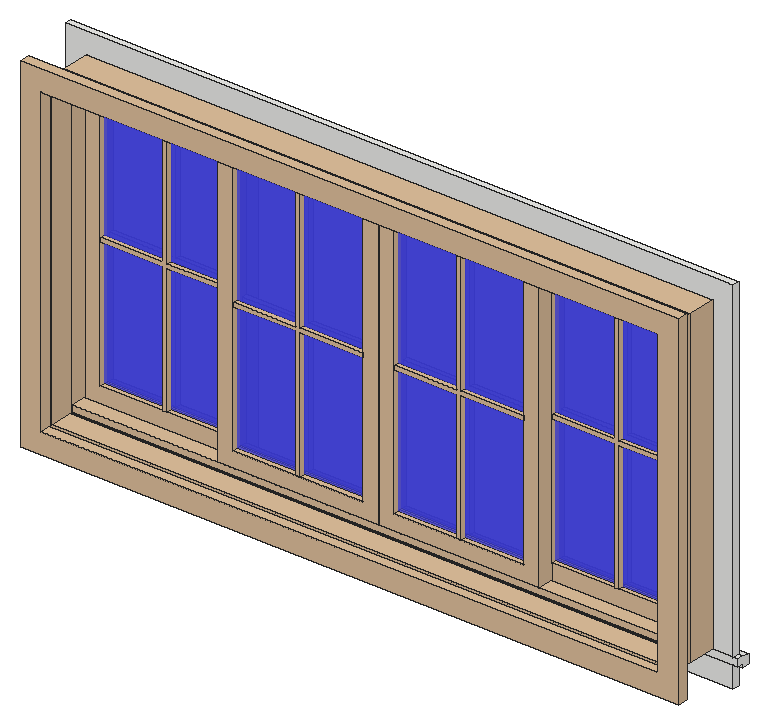
Revit family "M_Janela-deslizante-quatro", category Janelas, Revit 2019
Family settings
  Hospedeiro = Parede
  Número OmniClass = 23.30.20.17.14
  Título OmniClass = Sliding Windows
  Sempre na vertical = Sim
  Corte com vazios quando carregada = Não
  Compartilhado = Não
  Ponto de cálculo do ambiente = Não
Parameters (values of type "1800 x 900mm")
  Janela aplicada [instance] = 0 mm
  Espessura da parede [instance] = 150 mm
  Visual Light Transmittance = 0.81
  Resistência térmica (R) = 0.319569 (m²·K)/W
  Solar Heat Gain Coefficient = 0.76
  Visibilidade do montante central = yes
  Fechamento da parede interior [instance] = 67.45 mm
  Visibilidade do recorte interior [instance] = yes
  Material da apara interior = Madeira – Manchada
  Visibilidade do indicador [instance] = yes
  Coeficiente de transferência de calor (U) = 3.12929 W/(m²·K)
  Extensão do quadro [instance] = if(Visibilidade da apara externa, Janela aplicada + 6.35 mm, 6.35 mm)  # 6.35 mm
  Classificação de incêndio = "0.5h"
  Fechamento da parede externa [instance] = 31.75 mm
  Visibilidade da apara externa [instance] = yes
  Largura bruta = Largura + 15 mm  # 1815 mm
  Altura bruta = Altura + 15 mm  # 915 mm
  Visibilidade do montante lateral = yes
  Padrão do montante = M_Padrão do montante_2x2 : M_Padrão do montante_2x2
  Recorte interior = M_Moldura-janela-interior-plana : Quadro
  Material da moldura interior = Madeira – Manchada
  Altura = 900 mm
  Material do painel de vidro = Vidro
  Material da apara externa = Revestimento – Branco
  Visibilidade do umbral da extensão [instance] = and(Visibilidade do recorte interior, Espessura da parede - Janela aplicada > 82.55 mm)  # yes
  Umbral da extensão [instance] = if(Espessura da parede - Janela aplicada > 82.55 mm, Espessura da parede - Janela aplicada - 82.55 mm, 25.4 mm)  # 67.45 mm
  Apara externa = M_Recorte-Janela-Exterior-Plana : com peitoril
  Material da moldura exterior = Revestimento – Branco
  Altura-padrão do peitoril = 900 mm
  Fechamento da parede = Por hospedeiro
  Largura = 1800 mm
  Código de montagem = "B2020100"
  Construção analítica = "Vidraça dupla – residencial"
Types (6, lengths in mm): name | Largura bruta | Altura bruta | Altura | Largura
  (no name) | 1815 | 915 | 900 | 1800
  1650 x 600mm | 1665 | 615 | 600 | 1650
  1650 x 900mm | 1665 | 915 | 900 | 1650
  1800 x 900mm | 1815 | 915 | 900 | 1800
  2550 x 2000mm | 2565 | 2015 | 2000 | 2550
  4550 x 2000mm | 4565 | 2015 | 2000 | 4550
Reference planes
  plane 1 "Centro (Frente/Trás)": y = 0
  plane 2: z = 0
  plane 3 "Centro (Esquerda/Direita)": x = 0
  plane 4 "Esquerda": x = -900
  plane 5 "Direita": x = 900
  plane 6 "Peitoril": z = 900
  plane 7 "Superior": z = 1800
  plane 8 "Exterior": y = 71.19
  plane 9 "Interior": y = -78.81
  plane 10 "Inset Face": y = 71.19
  plane 11: y = 90.24
  plane 12: x = -836.5
  plane 13: x = -880.95
  plane 14: y = 0
  plane 15 "Face do caixilho": y = 83.89
  plane 16: x = -859.078
  plane 17: y = 64.84
  plane 18: y = 58.49
  plane 19: y = 52.14
  plane 20: y = 61.665
  plane 21: y = 39.44
  plane 22: x = 44.45
  plane 23: y = -5.01
  plane 24 "Fechamento da parede": y = -11.36
  plane 25: x = 855.55
  plane 26: z = 919.05
  plane 27: z = 938.1
  plane 28: z = 982.55
  plane 29: y = 26.74
  plane 30: y = 20.39
  plane 31: y = 14.04
  plane 32: y = 7.69
  plane 33: y = 17.215
  plane 34 "Umbral": y = -11.36
  plane 35: x = -440.475
  plane 36: x = -462.7
  plane 37: x = -418.25
  plane 38: x = 440.475
  plane 39: x = 418.25
  plane 40: x = 462.7
  plane 41: x = 880.95
  plane 42: x = 231.35
  plane 43: x = 836.5
  plane 44: x = 649.6
  plane 45: z = 1359.525
  plane 46: z = 1736.5
  plane 47: z = 982.55
  plane 48: x = -649.6
  plane 49: x = -231.35
  plane 50: x = -44.45
  plane 51: y = -11.36
  plane 52: y = 39.44
  plane 53: y = 90.24
Forms (mm)
  Sweep 1, solid, material "Madeira – Manchada" <- "Material da moldura interior"
    path origin (0, 83.89, 0) x (-1, 0, 0) y (0, 0, 1)
      loop
        line (900, 900) -> (900, 1800) -> (-900, 1800) -> (-900, 900)
    profile origin (-900, 83.89, 1350) x (1, 0, 0) y (0, 1, 0)
      loop
        line (0, 6.35) -> (0, -95.25) -> (19.05, -95.25) -> (19.05, 0) -> (40.922, 0) -> (40.922, 6.35) -> (0, 6.35)
  Sweep 2, solid, material "Madeira – Manchada" <- "Material da moldura interior"
    path origin (0, 83.89, 0) x (-1, 0, 0) y (0, 0, 1)
      loop
        line (418.25, 919.05) -> (418.25, 1780.95) -> (880.95, 1780.95) -> (880.95, 919.05)
    profile origin (-880.95, 83.89, 1350) x (0, 1, 0) y (-1, 0, 0)
      loop
        line (0, 0) -> (-44.45, 0) -> (-44.45, -44.45) -> (0, -44.45) -> (0, 0)
  Sweep 3, solid, material "Madeira – Manchada" <- "Material da moldura interior"
    path origin (0, 0, 0) x (1, 0, 0) y (0, 0, 1)
      loop
        line (900, 900) -> (-900, 900)
    profile origin (0, 0, 900) x (0, 0, -1) y (0, -1, 0)
      loop
        line (0, -90.24) -> (0, 11.36) -> (-19.05, 11.36) -> (-19.05, 5.01) -> (-38.1, 5.01) -> (-38.1, -39.44) -> (-19.05, -39.44) -> (-19.05, -90.24) -> (0, -90.24)
  Sweep 4, solid, material "Madeira – Manchada" <- "Material da moldura interior"
    path origin (0, 0, 0) x (1, 0, 0) y (0, 0, 1)
      loop
        line (-418.25, 919.05) -> (-859.078, 919.05)
    profile origin (-638.664, 0, 919.05) x (0, 0, -1) y (0, -1, 0)
      loop
        line (-63.5, -39.44) -> (-63.5, -83.89) -> (0, -83.89) -> (0, -39.44) -> (-63.5, -39.44)
  Extrusion 5, solid, material "Vidro" <- "Material do painel de vidro"
    sketch origin (0, 0, 900) x (0, -1, 0) y (1, 0, 0)
      loop
        line (-71.19, -836.5) -> (-64.84, -836.5) -> (-64.84, -462.7) -> (-71.19, -462.7) -> (-71.19, -836.5)
      loop
        line (-58.49, -836.5) -> (-52.14, -836.5) -> (-52.14, -462.7) -> (-58.49, -462.7) -> (-58.49, -836.5)
    from 82.55 to 836.5
  Extrusion 6, solid, material "Vidro" <- "Material do painel de vidro"
    sketch origin (-147.547, 0, 900) x (0, -1, 0) y (1, 0, 0)
      loop
        line (-26.74, -270.703) -> (-20.39, -270.703) -> (-20.39, 103.097) -> (-26.74, 103.097) -> (-26.74, -270.703)
      loop
        line (-14.04, -270.703) -> (-7.69, -270.703) -> (-7.69, 103.097) -> (-14.04, 103.097) -> (-14.04, -270.703)
    from 82.55 to 836.5
  Sweep 7, solid, material "Madeira – Manchada" <- "Material da moldura interior", visible <- "Visibilidade do umbral da extensão"
    path origin (0, 0, 0) x (1, 0, 0) y (0, 0, 1)
      loop
        line (-900, 900) -> (900, 900) -> (900, 1800) -> (-900, 1800) -> (-900, 900)
    profile origin (-900, 0, 1350) x (-1, 0, 0) y (0, -1, 0)
      loop
        line (0, 11.36) -> (0, 78.81) -> (-19.05, 78.81) -> (-19.05, 11.36) -> (0, 11.36)
  Sweep 8, solid, material "Madeira – Manchada" <- "Material da moldura interior"
    path origin (603.25, 0, -168.707) x (1, 0, 0) y (0, 0, 1)
      loop
        line (-603.25, 1949.657) -> (-603.25, 1106.807) -> (-140.55, 1106.807) -> (-140.55, 1949.657) -> (-603.25, 1949.657)
    profile origin (0, 0, 1359.525) x (0, -1, 0) y (1, 0, 0)
      loop
        line (-39.44, 0) -> (5.01, 0) -> (5.01, 44.45) -> (-39.44, 44.45) -> (-39.44, 0)
  Sweep 9, solid, material "Madeira – Manchada"
    path origin (0, 0, 0) x (1, 0, 0) y (0, 0, 1)
      loop
        line (-462.7, 938.1) -> (0, 938.1) -> (0, 1780.95) -> (-462.7, 1780.95) -> (-462.7, 938.1)
    profile origin (-462.7, 0, 1359.525) x (-1, 0, 0) y (0, -1, 0)
      loop
        line (0, -39.44) -> (0, 5.01) -> (-44.45, 5.01) -> (-44.45, -39.44) -> (0, -39.44)
  Extrusion 10, solid, material "Vidro" <- "Material do painel de vidro"
    sketch origin (93.753, 0, 900) x (0, -1, 0) y (1, 0, 0)
      loop
        line (-26.74, -49.303) -> (-20.39, -49.303) -> (-20.39, 324.497) -> (-26.74, 324.497) -> (-26.74, -49.303)
      loop
        line (-14.04, -49.303) -> (-7.69, -49.303) -> (-7.69, 324.497) -> (-14.04, 324.497) -> (-14.04, -49.303)
    from 82.55 to 836.5
  Extrusion 11, solid, material "Vidro" <- "Material do painel de vidro"
    sketch origin (443.003, 44.45, 900) x (0, -1, 0) y (1, 0, 0)
      loop
        line (-26.74, 19.697) -> (-20.39, 19.697) -> (-20.39, 393.497) -> (-26.74, 393.497) -> (-26.74, 19.697)
      loop
        line (-13.723, 19.697) -> (-7.69, 19.697) -> (-7.69, 393.497) -> (-13.723, 393.497) -> (-13.723, 19.697)
    from 82.55 to 836.5
  Sweep 12, solid, material "Madeira – Manchada" <- "Material da moldura interior"
    path origin (0, 0, 0) x (1, 0, 0) y (0, 0, 1)
      loop
        line (418.25, 938.1) -> (880.95, 938.1) -> (880.95, 1780.95) -> (418.25, 1780.95) -> (418.25, 938.1)
    profile origin (418.25, 0, 1359.525) x (-1, 0, 0) y (0, -1, 0)
      loop
        line (0, -39.44) -> (-44.45, -39.44) -> (-44.45, -83.89) -> (0, -83.89) -> (0, -39.44)
  Sweep 13, solid, material "Madeira – Manchada" <- "Material da moldura interior"
    path origin (0, 0, 0) x (1, 0, 0) y (0, 0, 1)
      loop
        line (880.95, 938.1) -> (418.25, 938.1)
    profile origin (649.6, 0, 938.1) x (0, 0, -1) y (0, -1, 0)
      loop
        line (0, -39.44) -> (0, -83.89) -> (19.05, -83.89) -> (19.05, -39.44) -> (0, -39.44)
Cuts and joins
  joined: Sweep 2, Sweep 4
  joined: Sweep 12, Sweep 13
  joined: Sweep 1, Sweep 3
Lines and regions (mm)
  Opening 1
    outline origin (-1524, -78.81, 0) x (1, 0, 0) y (0, 0, 1)
      loop
        line (624, 1800) -> (624, 900) -> (2424, 900) -> (2424, 1800) -> (624, 1800)
  Split face 1
    outline origin (-462.7, 39.44, 919.05) x (0, 0, 1) y (0, 1, 0)
      loop
        line (817.45, 31.75) -> (63.5, 31.75)
  Split face 2
    outline origin (-836.5, 39.44, 1736.5) x (0, 0, -1) y (0, 1, 0)
      loop
        line (753.95, 31.75) -> (0, 31.75)
  Split face 3
    outline origin (457.2, -41.91, 2133.6) x (0, 0, -1) y (0, 1, 0)
  Split face 4
    outline origin (900, -11.36, 900) x (0, 1, 0) y (-1, 0, 0)
      loop
        line (82.55, 0) -> (82.55, 1800)
  Split face 5
    outline origin (-900, -11.36, 900) x (0, 0, 1) y (0, 1, 0)
  Split face 6
    outline origin (836.5, 83.89, 982.55) x (-1, 0, 0) y (0, -1, 0)
      loop
        line (373.8, 12.7) -> (0, 12.7)
  Split face 7
    outline origin (462.7, 83.89, 982.55) x (0, 0, 1) y (0, -1, 0)
      loop
        line (0, 12.7) -> (753.95, 12.7)
  Split face 8
    outline origin (836.5, 83.89, 1736.5) x (0, 0, -1) y (0, -1, 0)
      loop
        line (0, 12.7) -> (753.95, 12.7)
  Split face 9
    outline origin (462.7, 83.89, 1736.5) x (0, -1, 0) y (1, 0, 0)
      loop
        line (19.05, 0) -> (19.05, 373.8)
  Split face 10
    outline origin (-418.25, 39.44, 1736.5) x (0, -1, 0) y (1, 0, 0)
      loop
        line (12.7, 373.8) -> (12.7, 0)
  Split face 11
    outline origin (-418.25, 39.44, 982.55) x (0, 0, 1) y (0, -1, 0)
      loop
        line (0, 12.7) -> (753.95, 12.7)
  Split face 12
    outline origin (-462.7, 39.44, 1736.5) x (0, 1, 0) y (-1, 0, 0)
      loop
        line (31.75, 0) -> (31.75, 373.8)
  Split face 13
    outline origin (418.25, -5.01, 1736.5) x (0, 1, 0) y (-1, 0, 0)
      loop
        line (31.75, 0) -> (31.75, 373.8)
  Split face 14
    outline origin (418.25, -5.01, 982.55) x (0, 0, 1) y (0, 1, 0)
      loop
        line (753.95, 31.75) -> (0, 31.75)
  Split face 15
    outline origin (-44.45, 39.44, 1736.5) x (0, 0, -1) y (0, -1, 0)
      loop
        line (0, 12.7) -> (753.95, 12.7)
  Split face 16
    outline origin (44.45, -5.01, 1736.5) x (0, 0, -1) y (0, 1, 0)
      loop
        line (753.95, 31.75) -> (0, 31.75)
  Split face 17
    outline origin (44.45, -5.01, 982.55) x (1, 0, 0) y (0, 1, 0)
      loop
        line (0, 31.75) -> (373.8, 31.75)
  Split face 18
    outline origin (-44.45, 39.44, 982.55) x (-1, 0, 0) y (0, -1, 0)
      loop
        line (373.8, 12.7) -> (0, 12.7)
  Split face 19
    outline origin (-418.25, 83.89, 982.55) x (-1, 0, 0) y (0, -1, 0)
      loop
        line (418.25, 12.7) -> (44.45, 12.7)
  Split face 20
    outline origin (-880.95, 83.89, 1780.95) x (0, -1, 0) y (1, 0, 0)
      loop
        line (0, 1299.2) -> (44.45, 1299.2) -> (44.45, 462.7) -> (0, 462.7)
Text (mm)
  text "EXTERIOR" at (-1490.695, 1293.036, 0), in view "Nível de referência"
  text "INTERIOR" at (-1490.695, -959.266, 0), in view "Nível de referência"
  text "Exterior" at (0, 1108.87, 3129.179), in view "Esquerda"
  text "Exterior" at (0, 464.664, 3176.206), in view "Direita"
Dimensions and locks
  equal spacing: plane 4 "Esquerda", plane 3 "Centro (Esquerda/Direita)", plane 5 "Direita"
  "Largura": plane 4 "Esquerda" to plane 5 "Direita"
  "Altura": plane 6 "Peitoril" to plane 7 "Superior"
  "Altura-padrão do peitoril": plane 2 to plane 6 "Peitoril"
  "Janela aplicada": plane 8 "Exterior" to plane 10 "Inset Face"
  locked: plane 11 to plane 8 "Exterior" at 19.05
  locked: plane 4 "Esquerda" to plane 13 at 19.05
  locked: plane 13 to plane 12 at 44.45
  locked: plane 4 "Esquerda" to plane 16 at 40.922
  locked: plane 15 "Face do caixilho" to plane 10 "Inset Face" at 12.7
  locked: plane 10 "Inset Face" to plane 17 at 6.35
  locked: plane 17 to plane 18 at 6.35
  locked: plane 18 to plane 19 at 6.35
  equal spacing: plane 17, plane 20, plane 18
  locked: plane 19 to plane 21 at 12.7
  locked: plane 21 to plane 23 at 44.45
  locked: plane 23 to plane 24 "Fechamento da parede" at 6.35
  locked: plane 25 to plane 5 "Direita" at 44.45
  locked: plane 26 to plane 6 "Peitoril" at 19.05
  locked: plane 27 to plane 26 at 19.05
  locked: plane 27 to plane 28 at 44.45
  equal spacing: plane 30, plane 33, plane 31
  "Umbral da extensão": plane 34 "Umbral" to plane 9 "Interior"
  "Espessura da parede": host wall to host wall
  equal spacing: plane 13, plane 35, plane 3 "Centro (Esquerda/Direita)"
  equal spacing: plane 36, plane 35, plane 37
  locked: plane 36 to plane 37 at 44.45
  locked: plane 3 "Centro (Esquerda/Direita)" to plane 22 at 44.45
  locked: plane 41 to plane 5 "Direita" at 19.05
  equal spacing: plane 3 "Centro (Esquerda/Direita)", plane 38, plane 41
  equal spacing: plane 39, plane 38, plane 40
  locked: plane 39 to plane 40 at 44.45
  equal spacing: plane 22, plane 42, plane 39
  locked: plane 43 to plane 41 at 44.45
  equal spacing: plane 40, plane 44, plane 43
  host wall to host wall = 6477 mm
  locked: plane 7 "Superior" to plane 46 at 63.5
  locked: plane 47 to plane 6 "Peitoril" at 82.55
  equal spacing: plane 46, plane 45, plane 47
  equal spacing: plane 36, plane 48, plane 12
  locked: plane 3 "Centro (Esquerda/Direita)" to plane 50 at 44.45
  equal spacing: plane 50, plane 49, plane 37
  "Fechamento da parede interior": plane 51 to plane 9 "Interior"
  "Fechamento da parede externa": plane 8 "Exterior" to plane 52
  locked: plane 21 to plane 29 at 12.7
  locked: plane 32 to plane 23 at 12.7
  locked: plane 31 to plane 32 at 6.35
  locked: plane 29 to plane 30 at 6.35
  "Extensão do quadro": plane 53 to plane 15 "Face do caixilho"
  aligned and locked: plane 7 "Superior" to Opening 1 sketch curve
  aligned and locked: plane 6 "Peitoril" to Opening 1 sketch curve  (x2)
  aligned and locked: plane 5 "Direita" to Opening 1 sketch curve
  aligned and locked: plane 4 "Esquerda" to Opening 1 sketch curve
  aligned and locked: level to plane 2
  aligned and locked: host wall to plane 8 "Exterior"
  aligned and locked: plane 9 "Interior" to host wall
  aligned and locked: Sweep 1 sketch curve to plane 4 "Esquerda"
  aligned and locked: plane 4 "Esquerda" to Sweep 1 sketch curve
  aligned and locked: plane 16 to Sweep 1 sketch curve
  aligned and locked: plane 15 "Face do caixilho" to Sweep 1 sketch curve
  aligned and locked: plane 13 to Sweep 1 sketch curve
  aligned and locked: plane 24 "Fechamento da parede" to Sweep 1 sketch curve
  aligned and locked: Sweep 2 sketch curve to plane 13  (x2)
  aligned and locked: plane 15 "Face do caixilho" to Sweep 2 sketch curve
  aligned and locked: Sweep 2 sketch curve to plane 12
  aligned and locked: plane 21 to Sweep 2 sketch curve
  aligned and locked: Sweep 3 sketch curve to plane 6 "Peitoril"  (x2)
  aligned and locked: Sweep 3 sketch curve to plane 26  (x2)
  aligned and locked: Sweep 3 sketch curve to plane 27
  aligned and locked: Sweep 3 sketch curve to plane 24 "Fechamento da parede"
  aligned and locked: Sweep 3 sketch curve to plane 21
  aligned and locked: plane 26 to Sweep 4 sketch curve
  aligned and locked: Sweep 4 sketch curve to plane 28
  aligned and locked: Sweep 4 sketch curve to plane 15 "Face do caixilho"
  aligned and locked: Sweep 4 sketch curve to plane 21
  aligned and locked: Sweep 4 sketch curve to plane 26
  aligned and locked: Extrusion 5 sketch curve to plane 12  (x2)
  aligned and locked: Extrusion 6 sketch curve to plane 29
  aligned and locked: plane 30 to Extrusion 6 sketch curve
  aligned and locked: Extrusion 6 sketch curve to plane 31
  aligned and locked: plane 32 to Extrusion 6 sketch curve
  aligned and locked: plane 16 to Sweep 4 sketch curve
  aligned and locked: Sweep 7 sketch curve to plane 4 "Esquerda"  (x2)
  aligned and locked: Sweep 7 sketch curve to plane 7 "Superior"
  aligned and locked: Sweep 7 sketch curve to plane 5 "Direita"
  aligned and locked: Sweep 7 sketch curve to plane 6 "Peitoril"
  aligned and locked: Sweep 7 sketch curve to plane 13
  aligned and locked: plane 9 "Interior" to Sweep 7 sketch curve
  aligned and locked: Sweep 7 sketch curve to plane 34 "Umbral"
  aligned and locked: Sweep 3 sketch curve to plane 23
  aligned and locked: plane 3 "Centro (Esquerda/Direita)" to nested 3
  aligned and locked: Extrusion 5 to Extrusion 5  (x2)
  aligned and locked: Sweep 1 sketch curve to plane 5 "Direita"
  aligned and locked: Sweep 1 sketch curve to plane 7 "Superior"
  aligned and locked: Sweep 2 sketch curve to Sweep 7
  aligned and locked: plane 36 to Extrusion 5
  aligned and locked: plane 37 to Sweep 2 sketch curve
  aligned and locked: Extrusion 5 to plane 12
  aligned and locked: plane 37 to Sweep 4 sketch curve
  aligned and locked: Extrusion 5 to cut or joined group of Sweep 2, Sweep 4
  aligned and locked: Extrusion 6 to plane 37  (x2)
  aligned and locked: Sweep 8 sketch curve to profile plane
  aligned and locked: plane 3 "Centro (Esquerda/Direita)" to Sweep 8 sketch curve
  aligned and locked: plane 40 to Sweep 8 sketch curve
  aligned and locked: plane 36 to Sweep 9 sketch curve  (x2)
  aligned and locked: plane 27 to Sweep 9 sketch curve
  aligned and locked: Sweep 9 sketch curve to plane 21
  aligned and locked: Sweep 9 sketch curve to plane 37
  aligned and locked: Sweep 9 sketch curve to plane 3 "Centro (Esquerda/Direita)"
  aligned and locked: Sweep 9 sketch curve to Sweep 8
  aligned and locked: Extrusion 6 to Sweep 9  (x3)
  aligned and locked: plane 23 to Sweep 9 sketch curve
  aligned and locked: Extrusion 10 to plane 22  (x2)
  aligned and locked: plane 39 to Extrusion 10  (x2)
  aligned and locked: Sweep 8 sketch curve to plane 21
  aligned and locked: plane 23 to Sweep 8 sketch curve
  aligned and locked: Sweep 8 sketch curve to plane 22
  aligned and locked: Sweep 7 to Sweep 8 sketch curve
  aligned and locked: Extrusion 10 to Sweep 8
  aligned and locked: plane 27 to Sweep 8 sketch curve
  aligned and locked: Extrusion 11 to plane 10 "Inset Face"
  aligned and locked: plane 39 to Sweep 12 sketch curve
  aligned and locked: plane 41 to Sweep 12 sketch curve
  aligned and locked: Sweep 7 to Sweep 12 sketch curve
  aligned and locked: plane 27 to Sweep 12 sketch curve
  aligned and locked: Sweep 12 sketch curve to Sweep 8  (x2)
  aligned and locked: Sweep 12 sketch curve to plane 15 "Face do caixilho"
  aligned and locked: plane 40 to Sweep 12 sketch curve
  aligned and locked: plane 27 to Sweep 13 sketch curve
  aligned and locked: plane 41 to Sweep 13 sketch curve
  aligned and locked: plane 39 to Sweep 13 sketch curve
  aligned and locked: profile plane to Sweep 13 sketch curve
  aligned and locked: Sweep 13 sketch curve to plane 15 "Face do caixilho"
  aligned and locked: Sweep 13 sketch curve to plane 26
  aligned and locked: Extrusion 11 to cut or joined group of Sweep 12, Sweep 13
  aligned and locked: plane 42 to nested 7
  aligned and locked: Split face 6 sketch curve to Extrusion 11
  aligned and locked: Split face 7 sketch curve to Extrusion 11
  aligned and locked: Split face 8 sketch curve to Extrusion 11
  aligned and locked: Split face 9 sketch curve to Extrusion 11
  aligned and locked: Split face 10 sketch curve to Extrusion 6
  aligned and locked: Split face 11 sketch curve to Extrusion 6
  aligned and locked: Split face 13 sketch curve to Extrusion 10
  aligned and locked: Split face 14 sketch curve to Extrusion 10
  aligned and locked: Split face 15 sketch curve to Extrusion 6
  aligned and locked: Split face 16 sketch curve to Extrusion 10
  aligned and locked: Split face 17 sketch curve to Extrusion 10
  aligned and locked: Split face 18 sketch curve to Extrusion 6
  aligned and locked: Split face 20 sketch curve to cut or joined group of Sweep 12, Sweep 13
  aligned and locked: Split face 20 sketch curve to Sweep 8
  aligned and locked: Split face 20 sketch curve to cut or joined group of Sweep 2, Sweep 4
  aligned and locked: Sweep 13 sketch curve to plane 21
  aligned and locked: nested 3 to plane 7 "Superior"
  aligned and locked: plane 8 "Exterior" to nested 3
  aligned and locked: plane 47 to nested 1
  aligned and locked: plane 47 to nested 2
  aligned and locked: plane 47 to nested 6
  aligned and locked: nested 5 to plane 33
  aligned and locked: nested 2 to plane 33
  aligned and locked: plane 20 to nested 6
  aligned and locked: plane 40 to nested 6
  aligned and locked: plane 46 to nested 6
  aligned and locked: plane 22 to nested 5
  aligned and locked: plane 37 to nested 2
  aligned and locked: plane 50 to nested 2
  aligned and locked: plane 46 to nested 1
  aligned and locked: plane 36 to nested 1
  aligned and locked: plane 12 to nested 1
  aligned and locked: plane 43 to nested 6
  aligned and locked: plane 39 to nested 5
  aligned and locked: plane 7 "Superior" to nested 9
  aligned and locked: plane 3 "Centro (Esquerda/Direita)" to nested 9
  aligned and locked: plane 7 "Superior" to nested 8
  aligned and locked: nested 8 to plane 3 "Centro (Esquerda/Direita)"
  aligned and locked: plane 47 to nested 5
  aligned and locked: plane 46 to nested 5
  aligned and locked: nested 7 to plane 45
  aligned and locked: nested 4 to plane 49
  aligned and locked: plane 45 to nested 4
  aligned and locked: plane 46 to nested 2
  aligned and locked: plane 17 to Extrusion 5 sketch curve
  aligned and locked: Extrusion 5 sketch curve to plane 10 "Inset Face"
  aligned and locked: plane 19 to Extrusion 5 sketch curve
  aligned and locked: Extrusion 5 sketch curve to plane 18
  aligned and locked: nested 1 to plane 20
  aligned and locked: Sweep 1 sketch curve to plane 53
  aligned and locked: Sweep 3 sketch curve to plane 53
Automatic sketch dimensions
  Sweep 1 sketch curve to plane 6 "Peitoril" = 0 mm  (x2)
  Sweep 2 sketch curve to plane 26 = 0 mm  (x2)
  plane 4 "Esquerda" to Sweep 3 sketch curve = 0 mm
  plane 5 "Direita" to Sweep 3 sketch curve = 0 mm
  Extrusion 5 sketch curve to plane 36 = 0 mm  (x2)
  Extrusion 6 sketch curve to plane 37 = 0 mm  (x2)
  Extrusion 6 sketch curve to plane 3 "Centro (Esquerda/Direita)" = 44.45 mm
  Extrusion 6 sketch curve to Extrusion 6 sketch curve = 0 mm
  Split face 1 sketch curve to cut or joined group of Sweep 2, Sweep 4 = 0 mm
  cut or joined group of Sweep 2, Sweep 4 to Split face 1 sketch curve = 0 mm
  cut or joined group of Sweep 2, Sweep 4 to Split face 2 sketch curve = 0 mm
  Split face 2 sketch curve to cut or joined group of Sweep 2, Sweep 4 = 0 mm
  Split face 4 sketch curve to Sweep 3 = 0 mm  (x2)
  Split face 4 sketch curve to Sweep 3 = 19.05 mm
  plane 29 to Extrusion 10 sketch curve = 0 mm
  Extrusion 10 sketch curve to plane 22 = 0 mm  (x2)
  Extrusion 10 sketch curve to plane 30 = 0 mm
  Extrusion 10 sketch curve to plane 31 = 0 mm
  Extrusion 10 sketch curve to plane 32 = 0 mm
  Extrusion 10 sketch curve to plane 39 = 0 mm  (x2)
  Extrusion 11 sketch curve to plane 10 "Inset Face" = 0 mm
  plane 17 to Extrusion 11 sketch curve = 0 mm
  Extrusion 11 sketch curve to plane 40 = 0 mm  (x2)
  Extrusion 11 sketch curve to plane 43 = 0 mm  (x2)
  plane 19 to Extrusion 11 sketch curve = 0 mm
  Extrusion 11 sketch curve to plane 18 = 0.317 mm
  Split face 6 sketch curve to cut or joined group of Sweep 12, Sweep 13 = 0 mm  (x2)
  Split face 7 sketch curve to cut or joined group of Sweep 12, Sweep 13 = 0 mm
  cut or joined group of Sweep 12, Sweep 13 to Split face 7 sketch curve = 0 mm
  cut or joined group of Sweep 12, Sweep 13 to Split face 8 sketch curve = 0 mm
  Split face 8 sketch curve to cut or joined group of Sweep 12, Sweep 13 = 0 mm
  Split face 9 sketch curve to cut or joined group of Sweep 12, Sweep 13 = 0 mm  (x2)
  Split face 10 sketch curve to Sweep 9 = 0 mm  (x2)
  Split face 11 sketch curve to Sweep 9 = 0 mm
  Sweep 9 to Split face 11 sketch curve = 0 mm
  Split face 12 sketch curve to cut or joined group of Sweep 2, Sweep 4 = 0 mm  (x2)
  Split face 13 sketch curve to Sweep 8 = 0 mm  (x2)
  Split face 14 sketch curve to Sweep 8 = 0 mm
  Sweep 8 to Split face 14 sketch curve = 0 mm
  Sweep 9 to Split face 15 sketch curve = 0 mm
  Split face 15 sketch curve to Sweep 9 = 0 mm
  Sweep 8 to Split face 16 sketch curve = 0 mm
  Split face 16 sketch curve to Sweep 8 = 0 mm
  Split face 17 sketch curve to Sweep 8 = 0 mm  (x2)
  Split face 18 sketch curve to Sweep 9 = 0 mm  (x2)
  Split face 19 sketch curve to cut or joined group of Sweep 2, Sweep 4 = 0 mm  (x2)
  cut or joined group of Sweep 1, Sweep 3 to Split face 20 sketch curve = 0 mm  (x2)
  Split face 1 sketch curve to cut or joined group of Sweep 2, Sweep 4 = 12.7 mm
  Split face 2 sketch curve to cut or joined group of Sweep 2, Sweep 4 = 12.7 mm
  Split face 12 sketch curve to cut or joined group of Sweep 2, Sweep 4 = 12.7 mm
  Split face 19 sketch curve to cut or joined group of Sweep 2, Sweep 4 = 12.7 mm
Nested families
  nested 1: "M_Padrão do montante_2x2" at (-649.6, 61.665, 982.55), Material externo <- "Material da moldura exterior", Material interior <- "Material da moldura interior", visible <- "Visibilidade do montante lateral", type <- "Padrão do montante", type "M_Padrão do montante_2x2"
    with Largura 373.8 mm, Material interior Madeira – Manchada, Altura 753.95 mm, Material externo Revestimento – Branco
  nested 2: "M_Padrão do montante_2x2" at (-231.35, 17.215, 982.55), Material externo <- "Material da moldura exterior", Material interior <- "Material da moldura interior", visible <- "Visibilidade do montante central", type <- "Padrão do montante", type "M_Padrão do montante_2x2"
    with Largura 373.8 mm, Material interior Madeira – Manchada, Altura 753.95 mm, Material externo Revestimento – Branco
  nested 3: "M_Plano-quatro-deslizante" at (0, 71.19, 900), Largura <- "Largura", Altura <- "Altura", Espessura da parede <- "Espessura da parede", Janela aplicada <- "Janela aplicada", type "M_Plano-quatro-deslizante"
    with Janela aplicada de 3D 0 mm, Janela aplicada 0 mm, Largura 1800 mm, Espessura da parede 150 mm, Altura 900 mm
  nested 4: "M_Seta preenchida" at (-231.35, 0, 1359.525) x (-1, 0, 0) z (0, -1, 0), visible <- "Visibilidade do indicador", type "M_Seta preenchida"
  nested 5: "M_Padrão do montante_2x2" at (231.35, 17.215, 982.55), Material externo <- "Material da moldura exterior", Material interior <- "Material da moldura interior", visible <- "Visibilidade do montante central", type <- "Padrão do montante", type "M_Padrão do montante_2x2"
    with Largura 373.8 mm, Material interior Madeira – Manchada, Altura 753.95 mm, Material externo Revestimento – Branco
  nested 6: "M_Padrão do montante_2x2" at (649.6, 61.665, 982.55), Material externo <- "Material da moldura exterior", Material interior <- "Material da moldura interior", type <- "Padrão do montante", visible <- "Visibilidade do montante lateral", type "M_Padrão do montante_2x2"
    with Largura 373.8 mm, Material interior Madeira – Manchada, Altura 753.95 mm, Material externo Revestimento – Branco
  nested 7: "M_Seta preenchida" at (231.35, 0, 1359.525) x (1, 0, 0) z (0, -1, 0), visible <- "Visibilidade do indicador", type "M_Seta preenchida"
  nested 8: "M_Recorte-Janela-Exterior-Plana" at (0, 71.19, 1800) x (-1, 0, 0) z (0, 1, 0), visible <- "Visibilidade da apara externa", Material da apara <- "Material da apara externa", Largura da abertura <- "Largura", Altura da abertura <- "Altura", type <- "Apara externa", type "com peitoril"
    with Material da apara Revestimento – Branco, Largura da abertura 1800 mm, Altura da abertura 900 mm
  nested 9: "M_Moldura-janela-interior-plana" at (0, -78.81, 1800) x (1, 0, 0) z (0, -1, 0), visible <- "Visibilidade do recorte interior", Material da apara <- "Material da apara interior", Largura da abertura <- "Largura", Altura da abertura <- "Altura", type <- "Recorte interior", type "Quadro"
    with Material da apara Madeira – Manchada, Largura da abertura 1800 mm, Altura da abertura 900 mm
Definition of nested family "M_Padrão do montante_2x2"
  Parameters (values of type "M_Padrão do montante_2x2")
    Largura [instance] = 1200 mm
    Espessura = 12.7 mm
    Altura [instance] = 1200 mm
    Material interior [instance] = none
    Material externo [instance] = none
    Distância = 19.05 mm
  Reference planes
    plane 1 "Centro (Frente/Trás)": y = 0
    plane 2: z = 0
    plane 3 "Centro (Esquerda/Direita)": x = 0
    plane 4: z = 1200
    plane 5: x = -600
    plane 6: x = 600
    plane 7: z = 600
    plane 8: y = 9.525
    plane 9: y = 22.225
    plane 10: y = -9.525
    plane 11: y = -22.225
  Forms (mm)
    Extrusion 1, solid, material <- "Material interior", detail levels fine
      sketch origin (0, 0, 0) x (1, 0, 0) y (0, 0, 1)
        loop
          line (-600, 606.35) -> (-600, 593.65) -> (-6.35, 593.65) -> (-6.35, 0) -> (6.35, 0) -> (6.35, 593.65) -> (600, 593.65) -> (600, 606.35) -> (6.35, 606.35) -> (6.35, 1200) -> (-6.35, 1200) -> (-6.35, 606.35) -> (-600, 606.35)
      from 9.525 to 22.225
    Extrusion 2, solid, material <- "Material externo", detail levels fine
      sketch origin (0, 0, 0) x (1, 0, 0) y (0, 0, -1)
        loop
          line (-600, -606.35) -> (-6.35, -606.35) -> (-6.35, -1200) -> (6.35, -1200) -> (6.35, -606.35) -> (600, -606.35) -> (600, -593.65) -> (6.35, -593.65) -> (6.35, 0) -> (-6.35, 0) -> (-6.35, -593.65) -> (-600, -593.65) -> (-600, -606.35)
      from 9.525 to 22.225
  Lines and regions (mm)
    model lines, detail levels medium
      curve 1: line (0, 9.525, 1200) -> (0, 9.525, 0)
      curve 2: line (-600, -9.525, 600) -> (600, -9.525, 600)
      curve 3: line (-600, 9.525, 600) -> (600, 9.525, 600)
      curve 4: line (0, -9.525, 1200) -> (0, -9.525, 0)
  Dimensions and locks
    equal spacing: plane 6, plane 3 "Centro (Esquerda/Direita)", plane 5
    "Largura": plane 6 to plane 5
    "Altura": plane 4 to plane 2
    equal spacing: plane 4, plane 7, plane 2
    locked: plane 3 "Centro (Esquerda/Direita)" to Extrusion 1 sketch curve at 6.35  (x4)
    locked: Extrusion 1 sketch curve to plane 7 at 6.35  (x2)
    locked: plane 7 to Extrusion 1 sketch curve at 6.35  (x2)
    "Espessura": plane 9 to plane 8
    "Espessura": plane 10 to plane 11
    "Distância": plane 8 to plane 10
    equal spacing: plane 8, plane 1 "Centro (Frente/Trás)", plane 10
    aligned and locked: plane 2 to level
    aligned and locked: plane 4 to curve 1
    aligned and locked: plane 5 to curve 2
    aligned and locked: plane 2 to curve 1
    aligned and locked: plane 6 to curve 2
    aligned and locked: Extrusion 1 sketch curve to plane 4
    aligned and locked: Extrusion 1 sketch curve to plane 6
    aligned and locked: Extrusion 1 sketch curve to plane 5
    aligned and locked: Extrusion 1 sketch curve to level
    aligned and locked: Extrusion 1 to plane 11
    aligned and locked: plane 10 to Extrusion 1
    aligned and locked: Extrusion 2 to plane 5
    aligned and locked: plane 6 to Extrusion 2
    aligned and locked: Extrusion 2 to plane 8
    aligned and locked: plane 9 to Extrusion 2
    aligned and locked: Extrusion 2 to plane 2
    aligned and locked: plane 4 to Extrusion 2
    aligned and locked: plane 5 to curve 3
    aligned and locked: plane 6 to curve 3
    aligned and locked: plane 4 to curve 4
    aligned and locked: plane 2 to curve 4
    aligned and locked: plane 8 to curve 3
  Automatic sketch dimensions
    curve 2 to plane 7 = 0 mm
    Extrusion 2 sketch curve to plane 5 = 0 mm
    Extrusion 2 sketch curve to level = 0 mm
    Extrusion 2 sketch curve to plane 4 = 0 mm
    Extrusion 2 sketch curve to plane 6 = 0 mm
    Extrusion 2 sketch curve to plane 3 "Centro (Esquerda/Direita)" = 6.35 mm  (x2)
    plane 3 "Centro (Esquerda/Direita)" to Extrusion 2 sketch curve = 6.35 mm  (x2)
    plane 7 to Extrusion 2 sketch curve = 6.35 mm  (x2)
    Extrusion 2 sketch curve to plane 7 = 6.35 mm  (x2)
    curve 4 to plane 3 "Centro (Esquerda/Direita)" = 0 mm
    curve 4 to level = 0 mm
    curve 4 to plane 4 = 0 mm
    curve 3 to plane 6 = 0 mm
    curve 1 to plane 3 "Centro (Esquerda/Direita)" = 0 mm
    curve 3 to plane 5 = 0 mm
    curve 3 to plane 7 = 0 mm
Definition of nested family "M_Recorte-Janela-Exterior-Plana"
  Parameters (values of type "com peitoril")
    Largura da apara = 60 mm
    Espessura da apara_Quadro = 30 mm
    Espessura da apara_com peitoril = 19.05 mm
    Material da apara [instance] = none
    Espessura do peitoril = 30 mm
    Peitoril = yes
    Quadro = no
    Largura da abertura [instance] = 600 mm
    Altura da abertura [instance] = 900 mm
    Default Elevation = 1200 mm
  Types (2, lengths in mm): name | Peitoril | Quadro
    com peitoril | yes | no
    Quadro | no | yes
  Reference planes
    plane 1 "Centro (Frente/Trás)": y = 0
    plane 2: z = 0
    plane 3 "Centro (Esquerda/Direita)": x = 0
    plane 4: y = 60
    plane 5 "Esquerda": x = -300
    plane 6 "Direita": x = 300
    plane 7 "Inferior": y = -900
    plane 8: y = -930
    plane 9: y = -980.432
    plane 10: x = 360
    plane 11: x = -360
    plane 12: z = 19.05
    plane 13: z = 30
    plane 14: x = 372.7
    plane 15: x = -372.7
    plane 16: y = -920.432
    plane 17: y = -960
    plane 18: z = 12.7
    plane 19: y = -450
    plane 20: z = 38.1
  Forms (mm)
    Extrusion 1, solid
      sketch origin (0, 0, 0) x (1, 0, 0) y (0, 1, 0)
        loop
          line (-361.95, 57.15) -> (-361.95, -993.732) -> (361.95, -993.732) -> (361.95, 57.15) -> (-361.95, 57.15)
      from 0 to -304.8
    Extrusion 2, solid, material <- "Material da apara", visible <- "Peitoril"
      sketch origin (0, 0, 0) x (1, 0, 0) y (0, 1, 0)
        loop
          line (-360, -900) -> (-300, -900) -> (-300, 0) -> (300, 0) -> (300, -900) -> (360, -900) -> (360, 60) -> (-360, 60) -> (-360, -900)
      from 0 to 19.05
    Extrusion 3, solid, material <- "Material da apara", visible <- "Peitoril"
      sketch origin (0, 0, 0) x (0, 1, 0) y (0, 0, 1)
        loop
          line (-902.458, 38.1) -> (-930, 38.1) -> (-930, 19.05) -> (-920.432, 19.05) -> (-920.432, 0) -> (-900, 0) -> (-900, 19.05) -> (-902.458, 38.1)
      from -372.7 to 372.7
    Extrusion 4, solid, material <- "Material da apara", visible <- "Peitoril"
      sketch origin (0, 0, 0) x (1, 0, 0) y (0, 1, 0)
        loop
          line (-360, -920.432) -> (-360, -980.432) -> (360, -980.432) -> (360, -920.432) -> (-360, -920.432)
      from 0 to 19.05
    Extrusion 5, solid, material <- "Material da apara", visible <- "Quadro"
      sketch origin (0, 0, 0) x (1, 0, 0) y (0, 1, 0)
        loop
          line (-300, 0) -> (-300, -900) -> (300, -900) -> (300, 0) -> (-300, 0)
        loop
          line (-360, 60) -> (-360, -960) -> (360, -960) -> (360, 60) -> (-360, 60)
      from 0 to 30
  Dimensions and locks
    equal spacing: plane 5 "Esquerda", plane 3 "Centro (Esquerda/Direita)", plane 6 "Direita"
    "Largura da abertura": plane 5 "Esquerda" to plane 6 "Direita"
    "Altura da abertura": plane 7 "Inferior" to plane 1 "Centro (Frente/Trás)"
    "Espessura do peitoril": plane 7 "Inferior" to plane 8
    "Largura da apara": plane 11 to plane 5 "Esquerda"
    "Largura da apara": plane 6 "Direita" to plane 10
    "Largura da apara": plane 1 "Centro (Frente/Trás)" to plane 4
    locked: plane 15 to plane 11 at 12.7
    locked: plane 10 to plane 14 at 12.7
    locked: plane 16 to plane 8 at 9.568
    "Largura da apara": plane 9 to plane 16
    "Largura da apara": plane 17 to plane 7 "Inferior"
    locked: plane 18 to plane 2 at 12.7
    equal spacing: plane 7 "Inferior", plane 19, plane 1 "Centro (Frente/Trás)"
    locked: plane 20 to plane 12 at 19.05
    "Espessura da apara_com peitoril": plane 12 to plane 2
    "Espessura da apara_Quadro": plane 13 to plane 2
    aligned and locked: plane 2 to Extrusion 1
    aligned and locked: level to Extrusion 1
    aligned and locked: Extrusion 2 sketch curve to plane 5 "Esquerda"
    aligned and locked: Extrusion 2 sketch curve to plane 11
    aligned and locked: plane 7 "Inferior" to Extrusion 2 sketch curve  (x2)
    aligned and locked: plane 1 "Centro (Frente/Trás)" to Extrusion 2 sketch curve
    aligned and locked: plane 10 to Extrusion 2 sketch curve
    aligned and locked: Extrusion 2 sketch curve to plane 6 "Direita"
    aligned and locked: plane 12 to Extrusion 2
    aligned and locked: Extrusion 3 sketch curve to level
    aligned and locked: plane 7 "Inferior" to Extrusion 3 sketch curve
    aligned and locked: Extrusion 3 sketch curve to plane 8
    aligned and locked: plane 15 to Extrusion 3
    aligned and locked: Extrusion 3 to plane 14
    aligned and locked: plane 10 to Extrusion 4 sketch curve
    aligned and locked: Extrusion 4 sketch curve to plane 11
    aligned and locked: plane 16 to Extrusion 4 sketch curve
    aligned and locked: plane 9 to Extrusion 4 sketch curve
    aligned and locked: Extrusion 4 to Extrusion 2
    aligned and locked: Extrusion 2 sketch curve to plane 4
    aligned and locked: plane 1 "Centro (Frente/Trás)" to Extrusion 5 sketch curve
    aligned and locked: Extrusion 5 sketch curve to plane 4
    aligned and locked: Extrusion 5 sketch curve to plane 17
    aligned and locked: plane 7 "Inferior" to Extrusion 5 sketch curve
    aligned and locked: Extrusion 5 sketch curve to plane 6 "Direita"
    aligned and locked: plane 10 to Extrusion 5 sketch curve
    aligned and locked: Extrusion 5 sketch curve to plane 5 "Esquerda"
    aligned and locked: Extrusion 5 sketch curve to plane 11
    aligned and locked: plane 13 to Extrusion 5
    aligned and locked: plane 20 to Extrusion 3
  Automatic sketch dimensions
    Extrusion 1 sketch curve to Extrusion 1 sketch curve = 723.9 mm
    Extrusion 1 sketch curve to Extrusion 1 sketch curve = 1050.882 mm
    Extrusion 3 sketch curve to plane 16 = 0 mm
    Extrusion 3 sketch curve to plane 12 = 0 mm  (x2)
    Extrusion 3 sketch curve to plane 7 "Inferior" = 2.458 mm
    plane 13 to Extrusion 3 sketch curve = 8.1 mm
Definition of nested family "M_Moldura-janela-interior-plana"
  Parameters (values of type "com peitoril")
    Espessura da apara_Quadro = 30 mm
    Largura da apara = 60 mm
    Espessura da apara_com peitoril = 20 mm
    Material da apara [instance] = none
    Espessura do peitoril = 30 mm
    Peitoril = yes
    Quadro = no
    Largura da abertura [instance] = 600 mm
    Altura da abertura [instance] = 900 mm
    Default Elevation = 1200 mm
  Types (2, lengths in mm): name | Peitoril | Quadro
    com peitoril | yes | no
    Quadro | no | yes
  Reference planes
    plane 1 "Centro (Frente/Trás)": y = 0
    plane 2: z = 0
    plane 3 "Centro (Esquerda/Direita)": x = 0
    plane 4: y = 47.3
    plane 5 "Esquerda": x = -300
    plane 6 "Direita": x = 300
    plane 7 "Inferior": y = -900
    plane 8: y = -930
    plane 9: y = -980.432
    plane 10: x = 347.3
    plane 11: x = -347.3
    plane 12: z = 20
    plane 13: z = 30
    plane 14: x = 360
    plane 15: x = -360
    plane 16: y = -920.432
    plane 17: y = -947.3
    plane 18: z = 12.7
    plane 19: x = -287.3
    plane 20: y = -12.7
    plane 21: x = 287.3
    plane 22: y = -887.3
    plane 23: x = -334.6
    plane 24: x = 334.6
    plane 25: y = -450
  Forms (mm)
    Extrusion 1, solid
      sketch origin (0, 0, 0) x (1, 0, 0) y (0, 1, 0)
        loop
          line (-349.25, 44.45) -> (-349.25, -958.85) -> (349.25, -958.85) -> (349.25, 44.45) -> (-349.25, 44.45)
      from 0 to -304.8
    Extrusion 2, solid, material <- "Material da apara", visible <- "Peitoril"
      sketch origin (0, 0, 0) x (1, 0, 0) y (0, 1, 0)
        loop
          line (-334.6, -900) -> (-287.3, -900) -> (-287.3, 0) -> (287.3, 0) -> (287.3, -900) -> (334.6, -900) -> (334.6, 47.3) -> (-334.6, 47.3) -> (-334.6, -900)
      from 0 to 20
    Extrusion 3, solid, material <- "Material da apara", visible <- "Peitoril"
      sketch origin (0, 0, 0) x (0, 1, 0) y (0, 0, 1)
        loop
          line (-912.7, 39.05) -> (-920.432, 39.05) -> (-920.432, 0) -> (-900, 0) -> (-900, 26.35)
          arc (-900, 26.35) -> (-903.72, 35.33) -> (-912.7, 39.05) r 12.7
      from -347.3 to 347.3
    Extrusion 4, solid, material <- "Material da apara", visible <- "Peitoril"
      sketch origin (0, 0, 0) x (1, 0, 0) y (0, 1, 0)
        loop
          line (-334.6, -920.432) -> (-334.6, -980.432) -> (334.6, -980.432) -> (334.6, -920.432) -> (-334.6, -920.432)
      from 0 to 20
    Extrusion 5, solid, material <- "Material da apara", visible <- "Quadro"
      sketch origin (0, 0, 0) x (1, 0, 0) y (0, 1, 0)
        loop
          line (-287.3, -12.7) -> (-287.3, -887.3) -> (287.3, -887.3) -> (287.3, -12.7) -> (-287.3, -12.7)
        loop
          line (-347.3, 47.3) -> (-347.3, -947.3) -> (347.3, -947.3) -> (347.3, 47.3) -> (-347.3, 47.3)
      from 0 to 30
  Dimensions and locks
    equal spacing: plane 5 "Esquerda", plane 3 "Centro (Esquerda/Direita)", plane 6 "Direita"
    "Largura da abertura": plane 5 "Esquerda" to plane 6 "Direita"
    "Altura da abertura": plane 7 "Inferior" to plane 1 "Centro (Frente/Trás)"
    "Espessura do peitoril": plane 7 "Inferior" to plane 8
    "Largura da apara": plane 11 to plane 19
    "Largura da apara": plane 21 to plane 10
    "Largura da apara": plane 20 to plane 4
    "Espessura da apara_com peitoril": plane 12 to plane 2
    locked: plane 15 to plane 11 at 12.7
    locked: plane 10 to plane 14 at 12.7
    locked: plane 16 to plane 8 at 9.568
    "Largura da apara": plane 9 to plane 16
    "Largura da apara": plane 17 to plane 22
    plane 20 to plane 1 "Centro (Frente/Trás)" = 12.7 mm
    plane 5 "Esquerda" to plane 19 = 12.7 mm
    plane 21 to plane 6 "Direita" = 12.7 mm
    plane 22 to plane 7 "Inferior" = 12.7 mm
    locked: plane 11 to plane 23 at 12.7
    locked: plane 24 to plane 10 at 12.7
    equal spacing: plane 7 "Inferior", plane 25, plane 1 "Centro (Frente/Trás)"
    "Espessura da apara_Quadro": plane 13 to plane 2
    locked: Extrusion 3 to plane 12 at 19.05
    locked: plane 12 to Extrusion 3 sketch curve at 19.05
    radius of Extrusion 3 sketch curve = 12.7 mm
    aligned and locked: plane 2 to Extrusion 1
    aligned and locked: level to Extrusion 1
    aligned and locked: plane 7 "Inferior" to Extrusion 2 sketch curve  (x2)
    aligned and locked: plane 1 "Centro (Frente/Trás)" to Extrusion 2 sketch curve
    aligned and locked: plane 12 to Extrusion 2
    aligned and locked: Extrusion 3 sketch curve to level
    aligned and locked: plane 7 "Inferior" to Extrusion 3 sketch curve
    aligned and locked: plane 16 to Extrusion 4 sketch curve
    aligned and locked: plane 9 to Extrusion 4 sketch curve
    aligned and locked: Extrusion 2 sketch curve to plane 4
    aligned and locked: Extrusion 5 sketch curve to plane 4
    aligned and locked: Extrusion 5 sketch curve to plane 17
    aligned and locked: plane 10 to Extrusion 5 sketch curve
    aligned and locked: Extrusion 5 sketch curve to plane 11
    aligned and locked: plane 13 to Extrusion 5
    aligned and locked: Extrusion 5 sketch curve to plane 20
    aligned and locked: Extrusion 5 sketch curve to plane 19
    aligned and locked: Extrusion 5 sketch curve to plane 21
    aligned and locked: plane 22 to Extrusion 5 sketch curve
    aligned and locked: Extrusion 4 to plane 24
    aligned and locked: plane 11 to Extrusion 3
    aligned and locked: Extrusion 3 to plane 10
    aligned and locked: Extrusion 2 sketch curve to plane 21
    aligned and locked: Extrusion 2 sketch curve to plane 24
    aligned and locked: Extrusion 2 sketch curve to plane 19
    aligned and locked: Extrusion 2 sketch curve to plane 23
    aligned and locked: plane 12 to Extrusion 4
  Automatic sketch dimensions
    Extrusion 1 sketch curve to Extrusion 1 sketch curve = 698.5 mm
    Extrusion 1 sketch curve to Extrusion 1 sketch curve = 1003.3 mm
    Extrusion 3 sketch curve to plane 16 = 0 mm
    Extrusion 4 sketch curve to plane 11 = 12.7 mm
    Extrusion 4 sketch curve to plane 24 = 0 mm
Definition of nested family "M_Plano-quatro-deslizante"
  Parameters (values of type "M_Plano-quatro-deslizante")
    Janela aplicada de 3D [instance] = if(Janela aplicada - 12.7 mm < 0 mm, 0 mm, if(Janela aplicada - 12.7 mm < Espessura da parede - 88.9 mm, Janela aplicada - 12.7 mm, Espessura da parede - 88.9 mm))  # 0 mm
    Janela aplicada [instance] = 0 mm
    Width [instance] = 1200 mm
    Espessura da parede [instance] = 150 mm
    Rough Width = 0 mm
    Height [instance] = 900 mm
    Default Elevation = 1200 mm
    Analytic Construction = "<Nenhum>"
  Reference planes
    plane 1 "Centro (Frente/Trás)": y = 0
    plane 2: z = 0
    plane 3 "Centro (Esquerda/Direita)": x = 0
    plane 4: x = -600
    plane 5: x = 600
    plane 6 "5": y = -150
    plane 7: x = -580.95
    plane 8 "2": y = -44.45
    plane 9 "1": y = -22.225
    plane 10: x = -536.5
    plane 11: x = 580.95
    plane 12: x = 536.5
    plane 13: x = -44.45
    plane 14: x = 44.45
    plane 15 "3": y = -66.675
    plane 16 "4": y = -88.9
    plane 17: x = 300
    plane 18: x = 84.913
    plane 19: x = 276.49
    plane 20: x = 237.313
    plane 21: y = 38.1
    plane 22: y = 88.9
    plane 23: y = 63.5
    plane 24: x = -268.25
    plane 25: x = 199.802
    plane 26: x = 241.613
    plane 27: x = -290.475
    plane 28: x = -312.7
    plane 29: x = 277.775
    plane 30: x = 322.225
    plane 31: x = 161.113
    plane 32: x = -80.15
    plane 33: x = -274.503
    plane 34: x = -232.55
    plane 35: y = 63.5
    plane 36: x = -156.35
    plane 37: z = 900
    plane 38: z = 880.95
    plane 39: z = 19.05
    plane 40: z = 63.5
    plane 41: z = 836.5
    plane 42: y = 0
    plane 43 "Janela aplicada": y = -8.731
  Lines and regions (mm)
    Masking region 1
      outline origin (0, 0, 0) x (1, 0, 0) y (0, 1, 0)
        loop
          line (-600, -150) -> (600, -150) -> (600, 0) -> (-600, 0) -> (-600, -150)
    Masking region 2
      outline origin (0, 0, 0) x (0, 1, 0) y (0, 0, 1)
        loop
          line (0, 900) -> (-150, 900) -> (-150, 0) -> (0, 0) -> (0, 900)
    symbolic lines
      curve 1: line (-580.95, 0, 0) -> (-580.95, -88.9, 0)
      curve 2: line (-600, 0, 0) -> (-536.5, 0, 0)
      curve 3: line (-536.5, 0, 0) -> (-536.5, -44.45, 0)
      curve 4: line (-536.5, -44.45, 0) -> (-580.95, -44.45, 0)
      curve 5: line (-536.5, -22.225, 0) -> (-312.7, -22.225, 0)
      curve 6: line (580.95, 0, 0) -> (580.95, -88.9, 0)
      curve 7: line (-536.5, 0, 0) -> (-312.7, 0, 0)
      curve 8: line (580.95, -44.45, 0) -> (536.5, -44.45, 0)
      curve 9: line (-44.45, -88.9, 0) -> (-44.45, -44.45, 0)
      curve 10: line (-312.7, -88.9, 0) -> (-268.25, -88.9, 0)
      curve 11: line (44.45, -66.675, 0) -> (277.775, -66.675, 0)
      curve 12: line (84.913, 63.5, 0) -> (276.49, 63.5, 0)
      curve 13: line (276.49, 63.5, 0) -> (237.313, 88.9, 0)
      curve 14: line (276.49, 63.5, 0) -> (237.313, 38.1, 0)
      curve 15: line (-312.7, 0, 0) -> (-312.7, -44.45, 0)
      curve 16: line (-268.25, -88.9, 0) -> (-268.25, -44.45, 0)
      curve 17: line (-268.25, -44.45, 0) -> (-312.7, -44.45, 0)
      curve 18: line (-44.45, -88.9, 0) -> (-268.25, -88.9, 0)
      curve 19: line (-268.25, -44.45, 0) -> (-268.25, 0, 0)
      curve 20: line (-312.7, 0, 0) -> (-268.25, 0, 0)
      curve 21: line (-312.7, -44.45, 0) -> (-312.7, -88.9, 0)
      curve 22: line (-44.45, -44.45, 0) -> (0, -44.45, 0)
      curve 23: line (0, -44.45, 0) -> (0, -88.9, 0)
      curve 24: line (0, -88.9, 0) -> (-44.45, -88.9, 0)
      curve 25: line (0, -44.45, 0) -> (44.45, -44.45, 0)
      curve 26: line (44.45, -88.9, 0) -> (0, -88.9, 0)
      curve 27: line (44.45, -44.45, 0) -> (44.45, -88.9, 0)
      curve 28: line (-268.25, -66.675, 0) -> (-44.45, -66.675, 0)
      curve 29: line (44.45, -88.9, 0) -> (277.775, -88.9, 0)
      curve 30: line (277.775, -88.9, 0) -> (322.225, -88.9, 0)
      curve 31: line (322.225, -88.9, 0) -> (322.225, 0, 0)
      curve 32: line (277.775, 0, 0) -> (277.775, -88.9, 0)
      curve 33: line (322.225, -44.45, 0) -> (277.775, -44.45, 0)
      curve 34: line (277.775, 0, 0) -> (322.225, 0, 0)
      curve 35: line (322.225, 0, 0) -> (536.5, 0, 0)
      curve 36: line (536.5, 0, 0) -> (600, 0, 0)
      curve 37: line (536.5, -44.45, 0) -> (536.5, 0, 0)
      curve 38: line (322.225, -22.225, 0) -> (536.5, -22.225, 0)
      curve 39: line (-80.15, 63.5, 0) -> (-274.503, 63.5, 0)
      curve 40: line (-274.503, 63.5, 0) -> (-232.55, 88.9, 0)
      curve 41: line (-274.503, 63.5, 0) -> (-232.55, 38.1, 0)
      curve 42: line (0, 0, 19.05) -> (0, -88.9, 19.05)
      curve 43: line (0, 0, 63.5) -> (0, -88.9, 63.5)
      curve 44: line (0, -88.9, 880.95) -> (0, 0, 880.95)
      curve 45: line (0, -44.45, 836.5) -> (0, 0, 836.5)
      curve 46: line (0, -22.225, 836.5) -> (0, -22.225, 63.5)
      curve 47: line (0, 0, 63.5) -> (0, 0, 0)
      curve 48: line (0, 0, 836.5) -> (0, 0, 900)
      curve 49: line (-268.25, 0, 0) -> (277.775, 0, 0)
      curve 50: line (-580.95, -88.9, 0) -> (-600, -88.9, 0)
      curve 51: line (580.95, -88.9, 0) -> (600, -88.9, 0)
      curve 52: line (-580.95, -88.9, 0) -> (-312.7, -88.9, 0)
      curve 53: line (322.225, -88.9, 0) -> (580.95, -88.9, 0)
      curve 54: line (0, -88.9, 19.05) -> (0, -88.9, 0)
      curve 55: line (0, -44.45, 19.05) -> (0, -44.45, 63.5)
      curve 56: line (0, -88.9, 63.5) -> (0, -88.9, 19.05)
      curve 57: line (0, -44.45, 836.5) -> (0, -88.9, 836.5)
      curve 58: line (0, -44.45, 880.95) -> (0, -44.45, 836.5)
      curve 59: line (0, -88.9, 836.5) -> (0, -88.9, 900)
      curve 60: line (0, -66.675, 836.5) -> (0, -66.675, 63.5)
      curve 61: line (0, 0, 836.5) -> (0, 0, 63.5)
      curve 62: line (0, -88.9, 63.5) -> (0, -88.9, 836.5)
  Dimensions and locks
    "Width": plane 4 to plane 5
    equal spacing: plane 4, plane 3 "Centro (Esquerda/Direita)", plane 5
    locked: plane 4 to plane 7 at 19.05
    locked: plane 5 to plane 11 at 19.05
    locked: plane 7 to plane 10 at 44.45
    locked: plane 12 to plane 11 at 44.45
    plane 13 to plane 3 "Centro (Esquerda/Direita)" = 44.45 mm
    locked: plane 8 "2" to plane 16 "4" at 44.45
    equal spacing: plane 8 "2", plane 15 "3", plane 16 "4"
    equal spacing: plane 8 "2", plane 9 "1", plane 1 "Centro (Frente/Trás)"
    locked: plane 8 "2" to plane 1 "Centro (Frente/Trás)" at 44.45
    equal spacing: plane 3 "Centro (Esquerda/Direita)", plane 17, plane 5
    plane 23 to plane 21 = 25.4 mm
    plane 22 to plane 23 = 25.4 mm
    locked: plane 13 to plane 3 "Centro (Esquerda/Direita)" at 44.45
    locked: plane 3 "Centro (Esquerda/Direita)" to plane 14 at 44.45
    equal spacing: plane 7, plane 27, plane 3 "Centro (Esquerda/Direita)"
    locked: plane 28 to plane 24 at 44.45
    equal spacing: plane 28, plane 27, plane 24
    equal spacing: plane 29, plane 17, plane 30
    locked: plane 29 to plane 30 at 44.45
    locked: plane 18 to plane 31 at 76.2
    locked: plane 31 to plane 20 at 76.2
    plane 35 to plane 21 = 25.4 mm
    plane 22 to plane 35 = 25.4 mm
    locked: plane 32 to plane 36 at 76.2
    locked: plane 36 to plane 34 at 76.2
    equal spacing: plane 24, plane 36, plane 13
    equal spacing: plane 14, plane 31, plane 29
    locked: plane 33 to plane 34 at 41.953
    locked: plane 20 to plane 19 at 39.177
    "Height": plane 37 to plane 2
    plane 37 to plane 2 = 900 mm
    locked: plane 39 to plane 2 at 19.05
    locked: plane 37 to plane 38 at 19.05
    locked: plane 40 to plane 39 at 44.45
    locked: plane 38 to plane 41 at 44.45
    "Espessura da parede": plane 42 to plane 6 "5"
    locked: plane 43 "Janela aplicada" to plane 1 "Centro (Frente/Trás)" at 8.731
    "Janela aplicada de 3D": plane 42 to plane 1 "Centro (Frente/Trás)"
    locked: plane 35 to plane 42 at 63.5
    locked: plane 23 to plane 42 at 63.5
    aligned and locked: plane 2 to level
    aligned and locked: curve 1 to plane 7
    aligned and locked: plane 4 to Masking region 1 sketch curve
    aligned and locked: Masking region 1 sketch curve to plane 5
    aligned and locked: plane 11 to curve 6
    aligned and locked: plane 8 "2" to curve 8
    aligned and locked: plane 13 to curve 9
    aligned and locked: curve 10 to plane 16 "4"
    aligned and locked: curve 11 to plane 15 "3"
    aligned and locked: plane 1 "Centro (Frente/Trás)" to curve 7
    aligned and locked: plane 20 to curve 13
    aligned and locked: plane 22 to curve 13
    aligned and locked: plane 21 to curve 14
    aligned and locked: plane 20 to curve 14
    aligned and locked: plane 19 to curve 14
    aligned and locked: curve 12 to plane 23
    aligned and locked: curve 22 to plane 8 "2"
    aligned and locked: curve 23 to plane 3 "Centro (Esquerda/Direita)"
    aligned and locked: plane 16 "4" to curve 24
    aligned and locked: plane 14 to curve 26
    aligned and locked: curve 25 to plane 8 "2"
    aligned and locked: curve 27 to plane 14
    aligned and locked: curve 28 to plane 15 "3"
    aligned and locked: curve 21 to plane 28
    aligned and locked: curve 29 to plane 16 "4"
    aligned and locked: curve 32 to plane 29
    aligned and locked: curve 30 to plane 16 "4"
    aligned and locked: plane 30 to curve 31
    aligned and locked: plane 1 "Centro (Frente/Trás)" to curve 34
    aligned and locked: plane 1 "Centro (Frente/Trás)" to curve 35
    aligned and locked: curve 37 to plane 12
    aligned and locked: plane 9 "1" to curve 38
    aligned and locked: plane 12 to curve 38
    aligned and locked: curve 40 to plane 34
    aligned and locked: curve 40 to plane 22
    aligned and locked: curve 41 to plane 21
    aligned and locked: curve 41 to plane 34
    aligned and locked: curve 41 to plane 33
    aligned and locked: curve 39 to plane 35
    aligned and locked: curve 16 to plane 24
    aligned and locked: plane 39 to curve 42
    aligned and locked: curve 43 to plane 40
    aligned and locked: curve 44 to plane 38
    aligned and locked: curve 46 to plane 9 "1"
    aligned and locked: Masking region 1 sketch curve to plane 42
    aligned and locked: Masking region 2 sketch curve to plane 42
    aligned and locked: plane 1 "Centro (Frente/Trás)" to curve 47
    aligned and locked: plane 1 "Centro (Frente/Trás)" to curve 49
    aligned and locked: plane 16 "4" to curve 50
    aligned and locked: plane 7 to curve 50
    aligned and locked: plane 4 to curve 50
    aligned and locked: curve 51 to plane 16 "4"
    aligned and locked: plane 11 to curve 51
    aligned and locked: plane 5 to curve 51
    aligned and locked: curve 30 to curve 53
    aligned and locked: curve 54 to plane 16 "4"
    aligned and locked: plane 40 to curve 46
    aligned and locked: curve 55 to plane 8 "2"
    aligned and locked: curve 58 to plane 8 "2"
    aligned and locked: plane 16 "4" to curve 59
    aligned and locked: curve 57 to plane 41
    aligned and locked: curve 60 to plane 15 "3"
    aligned and locked: plane 1 "Centro (Frente/Trás)" to curve 61
    aligned and locked: curve 62 to plane 16 "4"
    aligned and locked: curve 16 to curve 28
  Automatic sketch dimensions
    curve 2 to plane 4 = 0 mm
    curve 5 to plane 9 "1" = 0 mm
    curve 5 to plane 10 = 0 mm
    curve 39 to plane 32 = 0 mm
    curve 12 to plane 18 = 0 mm
    curve 36 to plane 5 = 0 mm
    Masking region 2 sketch curve to level = 0 mm
    Masking region 2 sketch curve to plane 37 = 0 mm
    Masking region 2 sketch curve to plane 6 "5" = 0 mm
    curve 54 to level = 0 mm
    curve 47 to level = 0 mm
    curve 48 to plane 37 = 0 mm
    curve 59 to plane 37 = 0 mm
    Masking region 1 sketch curve to plane 6 "5" = 0 mm
    curve 33 to plane 8 "2" = 0 mm
    curve 17 to plane 8 "2" = 0 mm
    curve 3 to plane 8 "2" = 0 mm
Definition of nested family "M_Seta preenchida"
  Parameters (values of type "M_Seta preenchida")
    D3 = 0 mm
    D2 = D1 / 6  # 33.333 mm
    D1 = 200 mm
  Reference planes
    plane 1 "Centro (Frente/Trás)": y = 0
    plane 2: z = 0
    plane 3 "Centro (Esquerda/Direita)": x = 0
    plane 4: y = 16.667
    plane 5: y = -16.667
    plane 6: x = -100
    plane 7: x = 100
    plane 8: through (203.336, -72.356, 1219.2) normal (-0.5736, -0.8192, 0)
    plane 9: through (203.336, 72.356, 1219.2) normal (0.5736, -0.8192, 0)
    plane 10: x = 33.333
  Lines and regions (mm)
    Filled region 1, type "Bloco de concreto", in view "Nível de referência"
      outline origin (0, 0, 0) x (1, 0, 0) y (0, 1, 0)
        loop
          line (-100, 16.667) -> (-100, -16.667) -> (33.333, -16.667) -> (33.333, -46.681) -> (100, 0) -> (33.333, 46.681) -> (33.333, 16.667) -> (-100, 16.667)
    detail lines, in view "Nível de referência"
      curve 1: line (-100, 16.667, 0) -> (33.333, 16.667, 0)
      curve 2: line (-100, 16.667, 0) -> (-100, -16.667, 0)
      curve 3: line (-100, -16.667, 0) -> (33.333, -16.667, 0)
      curve 4: line (100, 0, 0) -> (33.333, -46.681, 0)
      curve 5: line (100, 0, 0) -> (33.333, 46.681, 0)
      curve 6: line (33.333, -16.667, 0) -> (33.333, -46.681, 0)
      curve 7: line (33.333, 46.681, 0) -> (33.333, 16.667, 0)
  Dimensions and locks
    equal spacing: plane 6, plane 3 "Centro (Esquerda/Direita)", plane 7
    "D1": plane 6 to plane 7
    equal spacing: plane 4, plane 1 "Centro (Frente/Trás)", plane 5
    "D2": plane 4 to plane 5
    "D2": plane 3 "Centro (Esquerda/Direita)" to plane 10
    locked: plane 8 to plane 1 "Centro (Frente/Trás)" (angle 35.00°)
    locked: plane 1 "Centro (Frente/Trás)" to plane 9 (angle 35.00°)
    aligned and locked: curve 1 to plane 4
    aligned and locked: curve 2 to plane 6
    aligned and locked: curve 3 to plane 5
    aligned and locked: curve 4 to plane 9
    aligned and locked: curve 5 to plane 8
    aligned and locked: curve 6 to plane 10
    aligned and locked: curve 7 to plane 10
    aligned and locked: Filled region 1 sketch curve to curve 1
    aligned and locked: Filled region 1 sketch curve to curve 2
    aligned and locked: Filled region 1 sketch curve to curve 3
    aligned and locked: Filled region 1 sketch curve to curve 6
    aligned and locked: Filled region 1 sketch curve to curve 4
    aligned and locked: Filled region 1 sketch curve to curve 5
    aligned and locked: Filled region 1 sketch curve to curve 7
